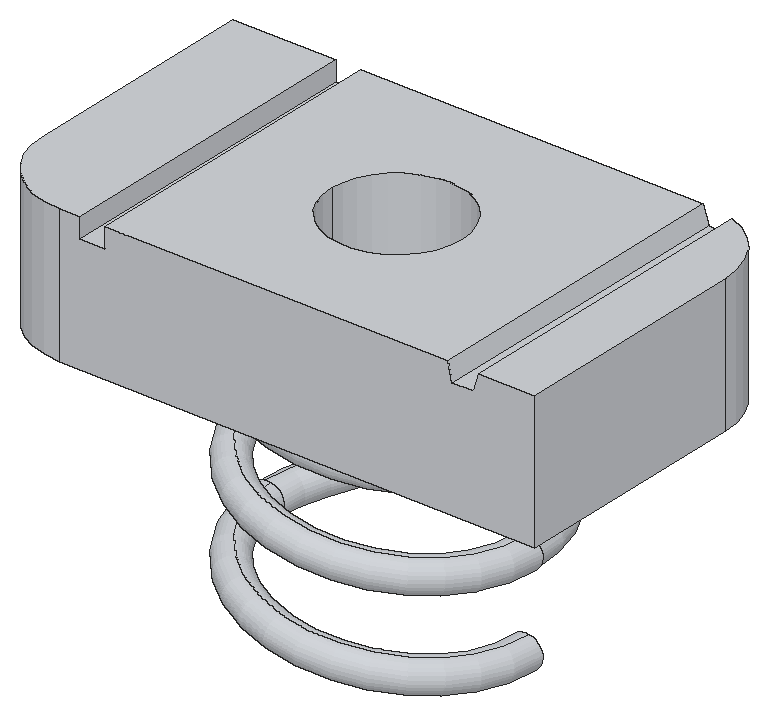
Revit family "CS25", category Generic Models, Revit 2017
Family settings
  Can host rebar = No
  Round Connector Dimension = Use Diameter
  Part Type = Normal
  Work Plane-Based = Yes
  Always vertical = No
  Cut with Voids When Loaded = No
  Shared = No
  Room Calculation Point = No
Parameters (values of type "NBS Standard Parameters")
  Weight = "0.0275Kg"
  WarrantyStartDate [instance] = "1900-12-31T23:59:59"
  WarrantyGuarantorParts = "n/a"
  WarrantyGuarantorLabor = "n/a"
  WarrantyDurationUnit = "year"
  WarrantyDurationParts = "n/a"
  WarrantyDurationLabor = "n/a"
  WarrantyDescription = "n/a"
  Version = "1"
  Uniclass2 = "PR_65_70_11_19"
  TagNumber [instance] = "n/a"
  SustainabilityPerformance = "n/a"
  Size = "M8"
  Shape = "Rectangular"
  SerialNumber [instance] = "n/a"
  Revision = "n/a"
  ReplacementCost = "n/a"
  ProductInformation = ""
  NominalWidth = 19.5 mm
  NominalLength = 34.5 mm
  NominalHeight = 6 mm
  Name = ""
  NBSTypeID = ""
  NBSReference = "90-55-10/305"
  NBSOfficeMasterTag = ""
  NBSNote = ""
  NBSDescription = "Channel Cable Support"
  NBSCertification = ""
  ModelReference = "CS25"
  ModelNumber = "n/a"
  Material = "Steel"
  ManufacturerURL = "www.metpro.co.uk"
  ManufacturerName = "Metpro Ltd"
  InstallationDate [instance] = "1900-12-31T23:59:59"
  IfcExportType = ""
  IfcExportAs = ""
  Grade = "n/a"
  Finish = "BZP"
  Features = "n/a"
  ExpectedLife = "n/a"
  DurationUnit = "year"
  Description = "NBS standard template"
  Default Elevation = 1219.2 mm
  Constituents = "n/a"
  Color = "n/a"
  CodePerformance = "n/a"
  Category = "n/a"
  BarCode [instance] = "n/a"
  BIMObjectName = "Role_Source_Type_Generic"
  Author = "Metpro Limited"
  AssetType = ""
  AssetIdentifier [instance] = "n/a"
  AccessibilityPerformance = "n/a"
Reference planes
  plane 1 "Center (Front/Back)": y = 0
  plane 2: z = 0
  plane 3 "Center (Left/Right)": x = 0
Forms (mm)
  Sweep 1, solid
    path origin (-26.459, 109.283, 6.895) x (0, -1, 0) y (-0.984808, 0, 0.173648)
      loop
        arc (100.907, -53) -> (108.907, -45) -> (100.907, -37) r 8
    profile origin (17.857, 0.376, -0.919) x (0, 1, 0) y (-0.173648, 0, -0.984808)
      loop
        circle (0, 0) r 1
  Sweep 2, solid
    path origin (-26.498, -92.531, -11.506) x (0, 1, 0) y (0.984808, 0, 0.173648)
      loop
        arc (100.907, 53) -> (108.907, 45) -> (100.907, 37) r 8
    profile origin (17.818, 16.376, -3.692) x (0, 1, 0) y (0.173648, 0, -0.984808)
      loop
        circle (0, 0) r 1
  Sweep 3, solid
    path origin (-26.459, 109.283, 1.397) x (0, -1, 0) y (-0.984808, 0, 0.173648)
      loop
        arc (100.907, -53) -> (108.907, -45) -> (100.907, -37) r 8
    profile origin (17.857, 0.376, -6.417) x (0, 1, 0) y (-0.173648, 0, -0.984808)
      loop
        circle (0, 0) r 1
  Sweep 4, solid
    path origin (-26.498, -92.531, -17.004) x (0, 1, 0) y (0.984808, 0, 0.173648)
      loop
        arc (100.907, 53) -> (108.907, 45) -> (100.907, 37) r 8
    profile origin (17.818, 16.376, -9.19) x (0, 1, 0) y (0.173648, 0, -0.984808)
      loop
        circle (0, 0) r 1
  Sweep 5, solid
    path origin (-26.459, 109.283, -4.08) x (0, -1, 0) y (-0.984808, 0, 0.173648)
      loop
        arc (100.907, -53) -> (108.907, -45) -> (100.907, -37) r 8
    profile origin (17.857, 0.376, -11.894) x (0, 1, 0) y (-0.173648, 0, -0.984808)
      loop
        circle (0, 0) r 1
  Extrusion 6, solid
    sketch origin (9.979, 8.376, 0.47) x (-0.173648, 0, -0.984808) y (-0.984808, 0, 0.173648)
      loop
        line (0.158, -0.256) -> (-1.146, 1.606) -> (-1.587, -0.891) -> (0.158, -0.256)
    from 0 to 0.704
  Extrusion 7, solid
    sketch origin (11.132, 8.376, 1.878) x (-1, 0, 0) y (0, -1, 0)
      loop
        line (-17.868, -9.846) -> (11.132, -9.846) -> (11.132, 4.654)
        arc (11.132, 4.654) -> (9.668, 8.189) -> (6.132, 9.654) r 5
        line (6.132, 9.654) -> (-22.868, 9.654) -> (-22.868, -4.846)
        arc (-22.868, -4.846) -> (-21.403, -8.382) -> (-17.868, -9.846) r 5
      loop
        circle (-6.725, 0) r 4
    from -2.362 to 5.968
  Extrusion 8, void
    sketch origin (-1, -1.278, 1.878) x (-1, 0, 0) y (0, 0, 1)
      loop
        line (-29.51, 6.498) -> (-31.754, 6.498) -> (-31.246, 4.898) -> (-29.933, 4.898) -> (-29.51, 6.498)
    from 0 to 26.173
  Extrusion 9, void
    sketch origin (37.8, 18.222, 1.878) x (1, 0, 0) y (0, 0, 1)
      loop
        line (-30.006, 5.968) -> (-31.573, 5.968) -> (-31.573, 4.787) -> (-30.006, 4.787) -> (-30.006, 5.968)
    from 0 to 20
Cuts and joins
  Extrusion 8, Extrusion 9 cuts Extrusion 7
Lines and regions (mm)
  model lines
    curve 1: line (26.721, 8.376, -2.482) -> (23.278, 8.376, -2.482)
    curve 2: line (26.721, 8.376, -7.98) -> (23.278, 8.376, -7.98)
Dimensions and locks
  aligned and locked: level to plane 2
